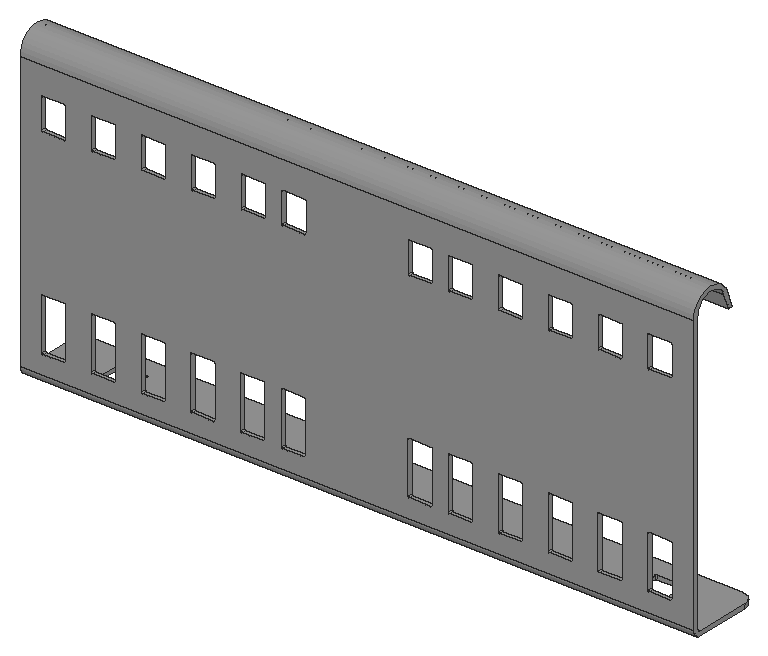
Revit family "Längsverbinder, Seitenhöhe 110- LVG 110 FS,FT,FT SO,A2,A4", category Generic Models, Revit 2017
Family settings
  Can host rebar = No
  Round Connector Dimension = Use Diameter
  Part Type = Normal
  Work Plane-Based = No
  Always vertical = Yes
  Cut with Voids When Loaded = No
  Shared = No
  Room Calculation Point = No
Parameters (values of type "LVG 110 A4")
  Width 1 = Width / 2  # 125 mm
  Width = 250 mm
  URL = "http://www.obo-bettermann.com"
  Material = Stainless steel, A4
  Manufacturer Art.No. = "6216551"
  Manufacturer = "OBO Bettermann"
  Height 1 = 157 mm
  Height = 114 mm
  GTIN = "4012196129362"
  Article Type = "LVG 110 A4"
Types (6, lengths in mm): name | Material | Manufacturer Art.No. | GTIN | Article Type
  (no name) | Stainless steel, A4 | "6216551" | "4012196129362" | "LVG 110 A4"
  LVG 110 FT | Hot-dip galvanised | "6216548" | "4012195065685" | "LVG 110 FT"
  LVG 110 FT SO | Hot-dip galvanised 85 µm | "7189256" | "4012195652267" | "LVG 110 FT SO"
  LVG 110 FS | Strip-galvanised | "6216545" | "4012195065678" | "LVG 110 FS"
  LVG 110 A2 | Stainless steel, A2 | "6216550" | "4012195623885" | "LVG 110 A2"
  LVG 110 A4 | Stainless steel, A4 | "6216551" | "4012196129362" | "LVG 110 A4"
Reference planes
  plane 1 "Center (Front/Back)": y = 0
  plane 2: z = 0
  plane 3 "Center (Left/Right)": x = 0
  plane 4: z = 114
  plane 5: z = 103
  plane 6: y = 8
  plane 7: z = 107.294
  plane 8: y = 28.5
  plane 9: y = 14.5
  plane 10: x = 125
  plane 11: x = 237.5
  plane 12: x = 12.5
  plane 13: z = 157
  plane 14: z = 45
  plane 15: z = 90
  plane 16: z = 20
  plane 17: x = 31
  plane 18: z = 20
  plane 19: z = 90
  plane 20: z = 20
  plane 21: z = 20
  plane 22: z = 20
  plane 23: z = 20
  plane 24: z = 20
  plane 25: x = 218.997
  plane 26: x = 218.997
  plane 27: z = 20
  plane 28: z = 90
  plane 29: z = 20
  plane 30: z = 90
  plane 31: z = 20
  plane 32: z = 90
  plane 33: z = 20
  plane 34: z = 90
  plane 35: x = 148.587
  plane 36: x = 163.587
  plane 37: z = 20
  plane 38: z = 90
  plane 39: x = 101.569
  plane 40: x = 86.569
  plane 41: x = 163.587
  plane 42: x = 148.587
  plane 43: z = 20
  plane 44: x = 101.569
  plane 45: x = 31
  plane 46: x = 31
  plane 47: y = 16.5
  plane 48: x = 31
  plane 49: y = 16.5
  plane 50: x = 219
  plane 51: y = 16.5
  plane 52: x = 224.5
Forms (mm)
  Extrusion 1, solid, material "Stainless steel, A4" <- "Material"
    sketch origin (0, 0, 0) x (0, 1, 0) y (0, 0, 1)
      loop
        arc (3, 1.5) -> (1.939, 1.939) -> (1.5, 3) r 1.5
        line (1.5, 3) -> (1.503, 105.989)
        arc (1.503, 105.989) -> (6.654, 112.371) -> (13.952, 108.63) r 6.5
        line (13.952, 108.63) -> (16, 103) -> (17.597, 103) -> (15.341, 109.198)
        arc (15.341, 109.198) -> (6.376, 113.852) -> (0, 106.018) r 8
        line (0, 106.018) -> (0, 2.8)
        arc (0, 2.8) -> (0.82, 0.82) -> (2.8, 0) r 2.8
        line (2.8, 0) -> (28.5, 0) -> (28.5, 1.5) -> (3, 1.5)
    from 0 to 250
  Extrusion 2, void
    sketch origin (0, 0, 0) x (1, 0, 0) y (0, 1, 0)
      loop
        line (5, 28.5) -> (0, 28.5) -> (0, 23.5)
        arc (0, 23.5) -> (1.464, 27.036) -> (5, 28.5) r 5
    from 0 to 1.5
  Extrusion 3, void
    sketch origin (0, 0, 0) x (1, 0, 0) y (0, 1, 0)
      loop
        arc (245, 28.5) -> (248.536, 27.036) -> (250, 23.5) r 5
        line (250, 23.5) -> (250, 28.5) -> (245, 28.5)
    from 0 to 1.5
  Extrusion 4, void
    sketch origin (0, 0, 0) x (1, 0, 0) y (0, 0, 1)
      loop
        line (16.5, 96) -> (8.5, 96)
        arc (8.5, 96) -> (8.146, 95.854) -> (8, 95.5) r 0.5
        line (8, 95.5) -> (8, 84.5)
        arc (8, 84.5) -> (8.146, 84.146) -> (8.5, 84) r 0.5
        line (8.5, 84) -> (16.5, 84)
        arc (16.5, 84) -> (16.854, 84.146) -> (17, 84.5) r 0.5
        line (17, 84.5) -> (17, 95.5)
        arc (17, 95.5) -> (16.854, 95.854) -> (16.5, 96) r 0.5
    from -1.5 to 0
  Extrusion 5, void
    sketch origin (0, 0, 0) x (1, 0, 0) y (0, 0, 1)
      loop
        line (16.5, 30) -> (8.5, 30)
        arc (8.5, 30) -> (8.146, 29.854) -> (8, 29.5) r 0.5
        line (8, 29.5) -> (8, 10.5)
        arc (8, 10.5) -> (8.146, 10.146) -> (8.5, 10) r 0.5
        line (8.5, 10) -> (16.5, 10)
        arc (16.5, 10) -> (16.854, 10.146) -> (17, 10.5) r 0.5
        line (17, 10.5) -> (17, 29.5)
        arc (17, 29.5) -> (16.854, 29.854) -> (16.5, 30) r 0.5
    from -1.5 to 0
  Extrusion 6, void
    sketch origin (18.543, 0, 0) x (1, 0, 0) y (0, 0, 1)
      loop
        line (16.5, 96) -> (8.5, 96)
        arc (8.5, 96) -> (8.146, 95.854) -> (8, 95.5) r 0.5
        line (8, 95.5) -> (8, 84.5)
        arc (8, 84.5) -> (8.146, 84.146) -> (8.5, 84) r 0.5
        line (8.5, 84) -> (16.5, 84)
        arc (16.5, 84) -> (16.854, 84.146) -> (17, 84.5) r 0.5
        line (17, 84.5) -> (17, 95.5)
        arc (17, 95.5) -> (16.854, 95.854) -> (16.5, 96) r 0.5
    from -1.5 to 0
  Extrusion 7, void
    sketch origin (37.086, 0, 0) x (1, 0, 0) y (0, 0, 1)
      loop
        line (16.5, 96) -> (8.5, 96)
        arc (8.5, 96) -> (8.146, 95.854) -> (8, 95.5) r 0.5
        line (8, 95.5) -> (8, 84.5)
        arc (8, 84.5) -> (8.146, 84.146) -> (8.5, 84) r 0.5
        line (8.5, 84) -> (16.5, 84)
        arc (16.5, 84) -> (16.854, 84.146) -> (17, 84.5) r 0.5
        line (17, 84.5) -> (17, 95.5)
        arc (17, 95.5) -> (16.854, 95.854) -> (16.5, 96) r 0.5
    from -1.5 to 0
  Extrusion 8, void
    sketch origin (55.629, 0, 0) x (1, 0, 0) y (0, 0, 1)
      loop
        line (16.5, 96) -> (8.5, 96)
        arc (8.5, 96) -> (8.146, 95.854) -> (8, 95.5) r 0.5
        line (8, 95.5) -> (8, 84.5)
        arc (8, 84.5) -> (8.146, 84.146) -> (8.5, 84) r 0.5
        line (8.5, 84) -> (16.5, 84)
        arc (16.5, 84) -> (16.854, 84.146) -> (17, 84.5) r 0.5
        line (17, 84.5) -> (17, 95.5)
        arc (17, 95.5) -> (16.854, 95.854) -> (16.5, 96) r 0.5
    from -1.5 to 0
  Extrusion 9, void
    sketch origin (74.171, 0, 0) x (1, 0, 0) y (0, 0, 1)
      loop
        line (16.5, 96) -> (8.5, 96)
        arc (8.5, 96) -> (8.146, 95.854) -> (8, 95.5) r 0.5
        line (8, 95.5) -> (8, 84.5)
        arc (8, 84.5) -> (8.146, 84.146) -> (8.5, 84) r 0.5
        line (8.5, 84) -> (16.5, 84)
        arc (16.5, 84) -> (16.854, 84.146) -> (17, 84.5) r 0.5
        line (17, 84.5) -> (17, 95.5)
        arc (17, 95.5) -> (16.854, 95.854) -> (16.5, 96) r 0.5
    from -1.5 to 0
  Extrusion 10, void
    sketch origin (18.468, 0, 0) x (1, 0, 0) y (0, 0, 1)
      loop
        line (16.5, 30) -> (8.5, 30)
        arc (8.5, 30) -> (8.146, 29.854) -> (8, 29.5) r 0.5
        line (8, 29.5) -> (8, 10.5)
        arc (8, 10.5) -> (8.146, 10.146) -> (8.5, 10) r 0.5
        line (8.5, 10) -> (16.5, 10)
        arc (16.5, 10) -> (16.854, 10.146) -> (17, 10.5) r 0.5
        line (17, 10.5) -> (17, 29.5)
        arc (17, 29.5) -> (16.854, 29.854) -> (16.5, 30) r 0.5
    from -1.5 to 0
  Extrusion 11, void
    sketch origin (36.936, 0, 0) x (1, 0, 0) y (0, 0, 1)
      loop
        line (16.5, 30) -> (8.5, 30)
        arc (8.5, 30) -> (8.146, 29.854) -> (8, 29.5) r 0.5
        line (8, 29.5) -> (8, 10.5)
        arc (8, 10.5) -> (8.146, 10.146) -> (8.5, 10) r 0.5
        line (8.5, 10) -> (16.5, 10)
        arc (16.5, 10) -> (16.854, 10.146) -> (17, 10.5) r 0.5
        line (17, 10.5) -> (17, 29.5)
        arc (17, 29.5) -> (16.854, 29.854) -> (16.5, 30) r 0.5
    from -1.5 to 0
  Extrusion 12, void
    sketch origin (55.403, 0, 0) x (1, 0, 0) y (0, 0, 1)
      loop
        line (16.5, 30) -> (8.5, 30)
        arc (8.5, 30) -> (8.146, 29.854) -> (8, 29.5) r 0.5
        line (8, 29.5) -> (8, 10.5)
        arc (8, 10.5) -> (8.146, 10.146) -> (8.5, 10) r 0.5
        line (8.5, 10) -> (16.5, 10)
        arc (16.5, 10) -> (16.854, 10.146) -> (17, 10.5) r 0.5
        line (17, 10.5) -> (17, 29.5)
        arc (17, 29.5) -> (16.854, 29.854) -> (16.5, 30) r 0.5
    from -1.5 to 0
  Extrusion 13, void
    sketch origin (73.871, 0, 0) x (1, 0, 0) y (0, 0, 1)
      loop
        line (16.5, 30) -> (8.5, 30)
        arc (8.5, 30) -> (8.146, 29.854) -> (8, 29.5) r 0.5
        line (8, 29.5) -> (8, 10.5)
        arc (8, 10.5) -> (8.146, 10.146) -> (8.5, 10) r 0.5
        line (8.5, 10) -> (16.5, 10)
        arc (16.5, 10) -> (16.854, 10.146) -> (17, 10.5) r 0.5
        line (17, 10.5) -> (17, 29.5)
        arc (17, 29.5) -> (16.854, 29.854) -> (16.5, 30) r 0.5
    from -1.5 to 0
  Extrusion 14, void
    sketch origin (0, 0, 0) x (1, 0, 0) y (0, 0, 1)
      loop
        line (241.5, 96) -> (233.5, 96)
        arc (233.5, 96) -> (233.146, 95.854) -> (233, 95.5) r 0.5
        line (233, 95.5) -> (233, 84.5)
        arc (233, 84.5) -> (233.146, 84.146) -> (233.5, 84) r 0.5
        line (233.5, 84) -> (241.5, 84)
        arc (241.5, 84) -> (241.854, 84.146) -> (242, 84.5) r 0.5
        line (242, 84.5) -> (242, 95.5)
        arc (242, 95.5) -> (241.854, 95.854) -> (241.5, 96) r 0.5
    from -1.5 to 0
  Extrusion 15, void
    sketch origin (0, 0, 0) x (1, 0, 0) y (0, 0, 1)
      loop
        line (241.5, 30) -> (233.5, 30)
        arc (233.5, 30) -> (233.146, 29.854) -> (233, 29.5) r 0.5
        line (233, 29.5) -> (233, 10.5)
        arc (233, 10.5) -> (233.146, 10.146) -> (233.5, 10) r 0.5
        line (233.5, 10) -> (241.5, 10)
        arc (241.5, 10) -> (241.854, 10.146) -> (242, 10.5) r 0.5
        line (242, 10.5) -> (242, 29.5)
        arc (242, 29.5) -> (241.854, 29.854) -> (241.5, 30) r 0.5
    from -1.5 to 0
  Extrusion 16, void
    sketch origin (-18.503, 0, 0) x (1, 0, 0) y (0, 0, 1)
      loop
        line (241.5, 30) -> (233.5, 30)
        arc (233.5, 30) -> (233.146, 29.854) -> (233, 29.5) r 0.5
        line (233, 29.5) -> (233, 10.5)
        arc (233, 10.5) -> (233.146, 10.146) -> (233.5, 10) r 0.5
        line (233.5, 10) -> (241.5, 10)
        arc (241.5, 10) -> (241.854, 10.146) -> (242, 10.5) r 0.5
        line (242, 10.5) -> (242, 29.5)
        arc (242, 29.5) -> (241.854, 29.854) -> (241.5, 30) r 0.5
    from -1.5 to 0
  Extrusion 17, void
    sketch origin (-37.005, 0, 0) x (1, 0, 0) y (0, 0, 1)
      loop
        line (241.5, 30) -> (233.5, 30)
        arc (233.5, 30) -> (233.146, 29.854) -> (233, 29.5) r 0.5
        line (233, 29.5) -> (233, 10.5)
        arc (233, 10.5) -> (233.146, 10.146) -> (233.5, 10) r 0.5
        line (233.5, 10) -> (241.5, 10)
        arc (241.5, 10) -> (241.854, 10.146) -> (242, 10.5) r 0.5
        line (242, 10.5) -> (242, 29.5)
        arc (242, 29.5) -> (241.854, 29.854) -> (241.5, 30) r 0.5
    from -1.5 to 0
  Extrusion 18, void
    sketch origin (-55.508, 0, 0) x (1, 0, 0) y (0, 0, 1)
      loop
        line (241.5, 30) -> (233.5, 30)
        arc (233.5, 30) -> (233.146, 29.854) -> (233, 29.5) r 0.5
        line (233, 29.5) -> (233, 10.5)
        arc (233, 10.5) -> (233.146, 10.146) -> (233.5, 10) r 0.5
        line (233.5, 10) -> (241.5, 10)
        arc (241.5, 10) -> (241.854, 10.146) -> (242, 10.5) r 0.5
        line (242, 10.5) -> (242, 29.5)
        arc (242, 29.5) -> (241.854, 29.854) -> (241.5, 30) r 0.5
    from -1.5 to 0
  Extrusion 19, void
    sketch origin (-74.01, 0, 0) x (1, 0, 0) y (0, 0, 1)
      loop
        line (241.5, 30) -> (233.5, 30)
        arc (233.5, 30) -> (233.146, 29.854) -> (233, 29.5) r 0.5
        line (233, 29.5) -> (233, 10.5)
        arc (233, 10.5) -> (233.146, 10.146) -> (233.5, 10) r 0.5
        line (233.5, 10) -> (241.5, 10)
        arc (241.5, 10) -> (241.854, 10.146) -> (242, 10.5) r 0.5
        line (242, 10.5) -> (242, 29.5)
        arc (242, 29.5) -> (241.854, 29.854) -> (241.5, 30) r 0.5
    from -1.5 to 0
  Extrusion 20, void
    sketch origin (-18.478, 0, 0) x (1, 0, 0) y (0, 0, 1)
      loop
        line (241.5, 96) -> (233.5, 96)
        arc (233.5, 96) -> (233.146, 95.854) -> (233, 95.5) r 0.5
        line (233, 95.5) -> (233, 84.5)
        arc (233, 84.5) -> (233.146, 84.146) -> (233.5, 84) r 0.5
        line (233.5, 84) -> (241.5, 84)
        arc (241.5, 84) -> (241.854, 84.146) -> (242, 84.5) r 0.5
        line (242, 84.5) -> (242, 95.5)
        arc (242, 95.5) -> (241.854, 95.854) -> (241.5, 96) r 0.5
    from -1.5 to 0
  Extrusion 21, void
    sketch origin (-36.957, 0, 0) x (1, 0, 0) y (0, 0, 1)
      loop
        line (241.5, 96) -> (233.5, 96)
        arc (233.5, 96) -> (233.146, 95.854) -> (233, 95.5) r 0.5
        line (233, 95.5) -> (233, 84.5)
        arc (233, 84.5) -> (233.146, 84.146) -> (233.5, 84) r 0.5
        line (233.5, 84) -> (241.5, 84)
        arc (241.5, 84) -> (241.854, 84.146) -> (242, 84.5) r 0.5
        line (242, 84.5) -> (242, 95.5)
        arc (242, 95.5) -> (241.854, 95.854) -> (241.5, 96) r 0.5
    from -1.5 to 0
  Extrusion 22, void
    sketch origin (-55.435, 0, 0) x (1, 0, 0) y (0, 0, 1)
      loop
        line (241.5, 96) -> (233.5, 96)
        arc (233.5, 96) -> (233.146, 95.854) -> (233, 95.5) r 0.5
        line (233, 95.5) -> (233, 84.5)
        arc (233, 84.5) -> (233.146, 84.146) -> (233.5, 84) r 0.5
        line (233.5, 84) -> (241.5, 84)
        arc (241.5, 84) -> (241.854, 84.146) -> (242, 84.5) r 0.5
        line (242, 84.5) -> (242, 95.5)
        arc (242, 95.5) -> (241.854, 95.854) -> (241.5, 96) r 0.5
    from -1.5 to 0
  Extrusion 23, void
    sketch origin (-73.913, 0, 0) x (1, 0, 0) y (0, 0, 1)
      loop
        line (241.5, 96) -> (233.5, 96)
        arc (233.5, 96) -> (233.146, 95.854) -> (233, 95.5) r 0.5
        line (233, 95.5) -> (233, 84.5)
        arc (233, 84.5) -> (233.146, 84.146) -> (233.5, 84) r 0.5
        line (233.5, 84) -> (241.5, 84)
        arc (241.5, 84) -> (241.854, 84.146) -> (242, 84.5) r 0.5
        line (242, 84.5) -> (242, 95.5)
        arc (242, 95.5) -> (241.854, 95.854) -> (241.5, 96) r 0.5
    from -1.5 to 0
  Extrusion 24, void
    sketch origin (-88.913, 0, 0) x (1, 0, 0) y (0, 0, 1)
      loop
        line (241.5, 96) -> (233.5, 96)
        arc (233.5, 96) -> (233.146, 95.854) -> (233, 95.5) r 0.5
        line (233, 95.5) -> (233, 84.5)
        arc (233, 84.5) -> (233.146, 84.146) -> (233.5, 84) r 0.5
        line (233.5, 84) -> (241.5, 84)
        arc (241.5, 84) -> (241.854, 84.146) -> (242, 84.5) r 0.5
        line (242, 84.5) -> (242, 95.5)
        arc (242, 95.5) -> (241.854, 95.854) -> (241.5, 96) r 0.5
    from -1.5 to 0
  Extrusion 25, void
    sketch origin (89.171, 0, 0) x (1, 0, 0) y (0, 0, 1)
      loop
        line (16.5, 96) -> (8.5, 96)
        arc (8.5, 96) -> (8.146, 95.854) -> (8, 95.5) r 0.5
        line (8, 95.5) -> (8, 84.5)
        arc (8, 84.5) -> (8.146, 84.146) -> (8.5, 84) r 0.5
        line (8.5, 84) -> (16.5, 84)
        arc (16.5, 84) -> (16.854, 84.146) -> (17, 84.5) r 0.5
        line (17, 84.5) -> (17, 95.5)
        arc (17, 95.5) -> (16.854, 95.854) -> (16.5, 96) r 0.5
    from -1.5 to 0
  Extrusion 26, void
    sketch origin (-89.01, 0, 0) x (1, 0, 0) y (0, 0, 1)
      loop
        line (241.5, 30) -> (233.5, 30)
        arc (233.5, 30) -> (233.146, 29.854) -> (233, 29.5) r 0.5
        line (233, 29.5) -> (233, 10.5)
        arc (233, 10.5) -> (233.146, 10.146) -> (233.5, 10) r 0.5
        line (233.5, 10) -> (241.5, 10)
        arc (241.5, 10) -> (241.854, 10.146) -> (242, 10.5) r 0.5
        line (242, 10.5) -> (242, 29.5)
        arc (242, 29.5) -> (241.854, 29.854) -> (241.5, 30) r 0.5
    from -1.5 to 0
  Extrusion 27, void
    sketch origin (88.871, 0, 0) x (1, 0, 0) y (0, 0, 1)
      loop
        line (16.5, 30) -> (8.5, 30)
        arc (8.5, 30) -> (8.146, 29.854) -> (8, 29.5) r 0.5
        line (8, 29.5) -> (8, 10.5)
        arc (8, 10.5) -> (8.146, 10.146) -> (8.5, 10) r 0.5
        line (8.5, 10) -> (16.5, 10)
        arc (16.5, 10) -> (16.854, 10.146) -> (17, 10.5) r 0.5
        line (17, 10.5) -> (17, 29.5)
        arc (17, 29.5) -> (16.854, 29.854) -> (16.5, 30) r 0.5
    from -1.5 to 0
  Extrusion 28, void
    sketch origin (0, 0, 0) x (1, 0, 0) y (0, 1, 0)
      loop
        arc (20.5, 20.5) -> (20.146, 20.354) -> (20, 20) r 0.5
        line (20, 20) -> (20, 12.5)
        arc (20, 12.5) -> (20.146, 12.146) -> (20.5, 12) r 0.5
        line (20.5, 12) -> (30.5, 12)
        arc (30.5, 12) -> (30.854, 12.146) -> (31, 12.5) r 0.5
        line (31, 12.5) -> (31, 20)
        arc (31, 20) -> (30.854, 20.354) -> (30.5, 20.5) r 0.5
        line (30.5, 20.5) -> (20.5, 20.5)
    from 0 to 1.5
  Extrusion 29, void
    sketch origin (0, 0, 0) x (1, 0, 0) y (0, 1, 0)
      loop
        arc (219.5, 21) -> (219.146, 20.854) -> (219, 20.5) r 0.5
        line (219, 20.5) -> (219, 12.5)
        arc (219, 12.5) -> (219.146, 12.146) -> (219.5, 12) r 0.5
        line (219.5, 12) -> (229.5, 12)
        arc (229.5, 12) -> (229.854, 12.146) -> (230, 12.5) r 0.5
        line (230, 12.5) -> (230, 20.5)
        arc (230, 20.5) -> (229.854, 20.854) -> (229.5, 21) r 0.5
        line (229.5, 21) -> (219.5, 21)
    from 0 to 1.5
Cuts and joins
  Extrusion 2, Extrusion 3, Extrusion 4, Extrusion 5, Extrusion 6, Extrusion 7, Extrusion 8, Extrusion 9, Extrusion 10, Extrusion 11, Extrusion 12, Extrusion 13, Extrusion 14, Extrusion 15, Extrusion 16, Extrusion 17, Extrusion 18, Extrusion 19, Extrusion 20, Extrusion 21, Extrusion 22, Extrusion 23, Extrusion 24, Extrusion 25, Extrusion 26, Extrusion 27, Extrusion 28, Extrusion 29 cuts Extrusion 1
Dimensions and locks
  "Height": plane 4 to level
  locked: plane 4 to plane 5 at 11
  locked: Extrusion 1 to Extrusion 1 at 1.5
  cut or joined group 1 (Extrusion 1, Extrusion 2, Extrusion 3, Extrusion 4, Extrusion 5, Extrusion 6, Extrusion 7, Extrusion 8, Extrusion 9, Extrusion 10, Extrusion 11, Extrusion 12, Extrusion 13, Extrusion 14, Extrusion 15, Extrusion 16, Extrusion 17, Extrusion 18, Extrusion 19, Extrusion 20, Extrusion 21, Extrusion 22, Extrusion 23, Extrusion 24, Extrusion 25, Extrusion 26, Extrusion 27, Extrusion 28, Extrusion 29) to plane 1 "Center (Front/Back)" = 28.5 mm
  "Width": cut or joined group 1 to cut or joined group 1
  cut or joined group 1 to cut or joined group 1 = 250 mm  (x2)
  "Width 1": cut or joined group 1 to plane 10
  locked: cut or joined group 1 to plane 11 at 12.5
  locked: cut or joined group 1 to plane 12 at 12.5
  "Height 1": plane 13 to level
  cut or joined group 1 to cut or joined group 1 = 114.018 mm
  locked: plane 14 to level at 45
  locked: level to plane 16 at 20
  locked: plane 16 to plane 15 at 70
  locked: Extrusion 4 sketch curve to Extrusion 4 sketch curve at 9
  locked: Extrusion 4 sketch curve to Extrusion 4 sketch curve at 12
  locked: Extrusion 5 sketch curve to Extrusion 5 sketch curve at 9
  locked: Extrusion 5 sketch curve to Extrusion 5 sketch curve at 20
  locked: plane 12 to plane 17 at 18.5
  locked: Extrusion 6 sketch curve to Extrusion 6 sketch curve at 9
  locked: Extrusion 6 sketch curve to Extrusion 6 sketch curve at 12
  locked: Extrusion 7 sketch curve to Extrusion 7 sketch curve at 9
  locked: Extrusion 7 sketch curve to Extrusion 7 sketch curve at 12
  locked: Extrusion 8 sketch curve to Extrusion 8 sketch curve at 9
  locked: Extrusion 8 sketch curve to Extrusion 8 sketch curve at 12
  locked: Extrusion 9 sketch curve to Extrusion 9 sketch curve at 9
  locked: Extrusion 9 sketch curve to Extrusion 9 sketch curve at 12
  locked: Extrusion 10 sketch curve to Extrusion 10 sketch curve at 9
  locked: Extrusion 10 sketch curve to Extrusion 10 sketch curve at 20
  locked: Extrusion 11 sketch curve to Extrusion 11 sketch curve at 9
  locked: Extrusion 11 sketch curve to Extrusion 11 sketch curve at 20
  locked: Extrusion 12 sketch curve to Extrusion 12 sketch curve at 9
  locked: Extrusion 12 sketch curve to Extrusion 12 sketch curve at 20
  locked: Extrusion 13 sketch curve to Extrusion 13 sketch curve at 9
  locked: Extrusion 13 sketch curve to Extrusion 13 sketch curve at 20
  locked: Extrusion 14 sketch curve to Extrusion 14 sketch curve at 9
  locked: Extrusion 14 sketch curve to Extrusion 14 sketch curve at 12
  locked: Extrusion 15 sketch curve to Extrusion 15 sketch curve at 9
  Extrusion 15 sketch curve to plane 20 = 10 mm
  plane 20 to Extrusion 15 sketch curve = 10 mm
  locked: Extrusion 16 sketch curve to Extrusion 16 sketch curve at 9
  Extrusion 16 sketch curve to plane 21 = 10 mm
  plane 21 to Extrusion 16 sketch curve = 10 mm
  locked: Extrusion 17 sketch curve to Extrusion 17 sketch curve at 9
  Extrusion 17 sketch curve to plane 22 = 10 mm
  plane 22 to Extrusion 17 sketch curve = 10 mm
  locked: Extrusion 18 sketch curve to Extrusion 18 sketch curve at 9
  Extrusion 18 sketch curve to plane 23 = 10 mm
  plane 23 to Extrusion 18 sketch curve = 10 mm
  locked: Extrusion 19 sketch curve to Extrusion 19 sketch curve at 9
  Extrusion 19 sketch curve to plane 24 = 10 mm
  plane 24 to Extrusion 19 sketch curve = 10 mm
  locked: plane 26 to plane 11 at 18.503
  locked: Extrusion 20 sketch curve to Extrusion 20 sketch curve at 9
  locked: Extrusion 20 sketch curve to Extrusion 20 sketch curve at 12
  equal spacing: group 20, group 19, group 18, group 17, group 11  (x2)
  equal spacing: group 11, group 17, group 18, group 19, group 20
  locked: Extrusion 21 sketch curve to Extrusion 21 sketch curve at 9
  locked: Extrusion 21 sketch curve to Extrusion 21 sketch curve at 12
  locked: Extrusion 22 sketch curve to Extrusion 22 sketch curve at 9
  locked: Extrusion 22 sketch curve to Extrusion 22 sketch curve at 12
  locked: Extrusion 23 sketch curve to Extrusion 23 sketch curve at 9
  locked: Extrusion 23 sketch curve to Extrusion 23 sketch curve at 12
  locked: plane 36 to plane 35 at 15
  locked: Extrusion 24 sketch curve to Extrusion 24 sketch curve at 9
  locked: Extrusion 24 sketch curve to Extrusion 24 sketch curve at 12
  group 21 to group 20 = 15 mm
  group 20 to group 21 = 0 mm  (x2)
  locked: plane 40 to plane 39 at 15
  locked: Extrusion 25 sketch curve to Extrusion 25 sketch curve at 9
  locked: Extrusion 25 sketch curve to Extrusion 25 sketch curve at 12
  group 5 to group 22 = 15 mm
  group 5 to group 22 = 0 mm  (x2)
  locked: Extrusion 26 sketch curve to Extrusion 26 sketch curve at 9
  Extrusion 26 sketch curve to plane 43 = 10 mm
  plane 43 to Extrusion 26 sketch curve = 10 mm
  group 23 to group 16 = 15 mm
  group 16 to group 23 = 0 mm  (x2)
  locked: Extrusion 27 sketch curve to Extrusion 27 sketch curve at 9
  locked: Extrusion 27 sketch curve to Extrusion 27 sketch curve at 20
  group 10 to group 24 = 15 mm
  group 10 to group 24 = 0 mm  (x2)
  locked: cut or joined group 1 to plane 45 at 31
  locked: cut or joined group 1 to plane 46 at 31
  locked: plane 1 "Center (Front/Back)" to plane 47 at 16.5
  locked: cut or joined group 1 to plane 48 at 31
  locked: Extrusion 28 sketch curve to Extrusion 28 sketch curve at 8.5
  locked: Extrusion 28 sketch curve to Extrusion 28 sketch curve at 11
  locked: plane 50 to cut or joined group 1 at 31
  locked: plane 1 "Center (Front/Back)" to plane 51 at 16.5
  locked: Extrusion 29 sketch curve to Extrusion 29 sketch curve at 9
  Extrusion 29 sketch curve to Extrusion 29 sketch curve = 11 mm
  aligned and locked: level to plane 2
  aligned and locked: Extrusion 1 to level
  aligned and locked: Extrusion 2 to Extrusion 1
  aligned and locked: Extrusion 2 to level
  aligned and locked: plane 8 to Extrusion 3 sketch curve
  aligned and locked: Extrusion 3 to level
  aligned and locked: Extrusion 3 to Extrusion 1
  aligned and locked: plane 1 "Center (Front/Back)" to Extrusion 4
  aligned and locked: plane 1 "Center (Front/Back)" to Extrusion 5
  aligned and locked: plane 18 to plane 16
  aligned and locked: plane 19 to plane 15
  aligned and locked: plane 1 "Center (Front/Back)" to Extrusion 14
  aligned and locked: plane 20 to plane 16
  aligned and locked: plane 1 "Center (Front/Back)" to Extrusion 15
  aligned and locked: Extrusion 1 to plane 2
  aligned and locked: plane 41 to plane 36
  aligned and locked: plane 44 to plane 39
  aligned and locked: Extrusion 1 to Extrusion 28
  aligned and locked: Extrusion 28 to level
  aligned and locked: Extrusion 29 to level
  aligned and locked: Extrusion 1 to Extrusion 29
  aligned and locked: Extrusion 1 sketch curve to plane 5
Automatic sketch dimensions
  Extrusion 2 sketch curve to plane 3 "Center (Left/Right)" = 0 mm
  plane 3 "Center (Left/Right)" to Extrusion 2 sketch curve = 5 mm
  Extrusion 2 sketch curve to plane 1 "Center (Front/Back)" = 23.5 mm
  plane 3 "Center (Left/Right)" to Extrusion 3 sketch curve = 245 mm
  Extrusion 3 sketch curve to Extrusion 3 sketch curve = 5 mm
  Extrusion 4 sketch curve to Extrusion 4 sketch curve = 0.5 mm  (x4)
  Extrusion 5 sketch curve to Extrusion 5 sketch curve = 0.5 mm  (x4)
  Extrusion 6 sketch curve to Extrusion 6 sketch curve = 0.5 mm  (x4)
  Extrusion 7 sketch curve to Extrusion 7 sketch curve = 0.5 mm  (x4)
  Extrusion 8 sketch curve to Extrusion 8 sketch curve = 0.5 mm  (x4)
  Extrusion 9 sketch curve to Extrusion 9 sketch curve = 0.5 mm  (x4)
  Extrusion 10 sketch curve to Extrusion 10 sketch curve = 0.5 mm  (x4)
  Extrusion 11 sketch curve to Extrusion 11 sketch curve = 0.5 mm  (x4)
  Extrusion 12 sketch curve to Extrusion 12 sketch curve = 0.5 mm  (x4)
  Extrusion 13 sketch curve to Extrusion 13 sketch curve = 0.5 mm  (x4)
  Extrusion 14 sketch curve to Extrusion 14 sketch curve = 0.5 mm  (x4)
  plane 19 to Extrusion 14 sketch curve = 5.5 mm
  Extrusion 15 sketch curve to Extrusion 15 sketch curve = 0.5 mm  (x4)
  Extrusion 16 sketch curve to Extrusion 16 sketch curve = 0.5 mm  (x4)
  Extrusion 17 sketch curve to Extrusion 17 sketch curve = 0.5 mm  (x4)
  Extrusion 18 sketch curve to Extrusion 18 sketch curve = 0.5 mm  (x4)
  Extrusion 19 sketch curve to Extrusion 19 sketch curve = 0.5 mm  (x4)
  Extrusion 20 sketch curve to Extrusion 20 sketch curve = 0.5 mm  (x4)
  plane 28 to Extrusion 20 sketch curve = 5.5 mm
  Extrusion 21 sketch curve to Extrusion 21 sketch curve = 0.5 mm  (x4)
  plane 30 to Extrusion 21 sketch curve = 5.5 mm
  Extrusion 22 sketch curve to Extrusion 22 sketch curve = 0.5 mm  (x4)
  plane 32 to Extrusion 22 sketch curve = 5.5 mm
  Extrusion 23 sketch curve to Extrusion 23 sketch curve = 0.5 mm  (x4)
  plane 34 to Extrusion 23 sketch curve = 5.5 mm
  Extrusion 24 sketch curve to Extrusion 24 sketch curve = 0.5 mm  (x4)
  plane 38 to Extrusion 24 sketch curve = 5.5 mm
  Extrusion 25 sketch curve to Extrusion 25 sketch curve = 0.5 mm  (x4)
  Extrusion 26 sketch curve to Extrusion 26 sketch curve = 0.5 mm  (x4)
  Extrusion 27 sketch curve to Extrusion 27 sketch curve = 0.5 mm  (x4)
  Extrusion 28 sketch curve to plane 17 = 0 mm
  Extrusion 28 sketch curve to Extrusion 28 sketch curve = 0.5 mm  (x3)
  plane 17 to Extrusion 28 sketch curve = 0.5 mm
  plane 9 to Extrusion 28 sketch curve = 2.5 mm
  Extrusion 29 sketch curve to plane 50 = 0 mm
  plane 50 to Extrusion 29 sketch curve = 0.5 mm
  plane 9 to Extrusion 29 sketch curve = 2.5 mm
  plane 52 to Extrusion 29 sketch curve = 5 mm  (x2)
  Extrusion 29 sketch curve to Extrusion 29 sketch curve = 0.5 mm  (x2)
  Extrusion 1 sketch curve to plane 1 "Center (Front/Back)" = 0 mm
  Extrusion 1 sketch curve to level = 0 mm
  Extrusion 1 sketch curve to plane 8 = 0 mm
  Extrusion 1 sketch curve to plane 1 "Center (Front/Back)" = 1.5 mm
  Extrusion 1 sketch curve to Extrusion 1 sketch curve = 1.3 mm  (x2)
  Extrusion 1 sketch curve to Extrusion 1 sketch curve = 0.2 mm
  plane 6 to Extrusion 1 sketch curve = 0 mm
  plane 6 to Extrusion 1 sketch curve = 0.002 mm
  plane 9 to Extrusion 1 sketch curve = 0.548 mm
  Extrusion 1 sketch curve to plane 9 = 0.841 mm
  Extrusion 1 sketch curve to plane 47 = 0.5 mm
  plane 47 to Extrusion 1 sketch curve = 1.097 mm
  Extrusion 1 sketch curve to plane 7 = 1.281 mm
  Extrusion 1 sketch curve to plane 7 = 1.275 mm
  plane 7 to Extrusion 1 sketch curve = 1.336 mm
  Extrusion 1 sketch curve to Extrusion 1 sketch curve = 0.003 mm
  Extrusion 1 sketch curve to Extrusion 1 sketch curve = 0.011 mm
